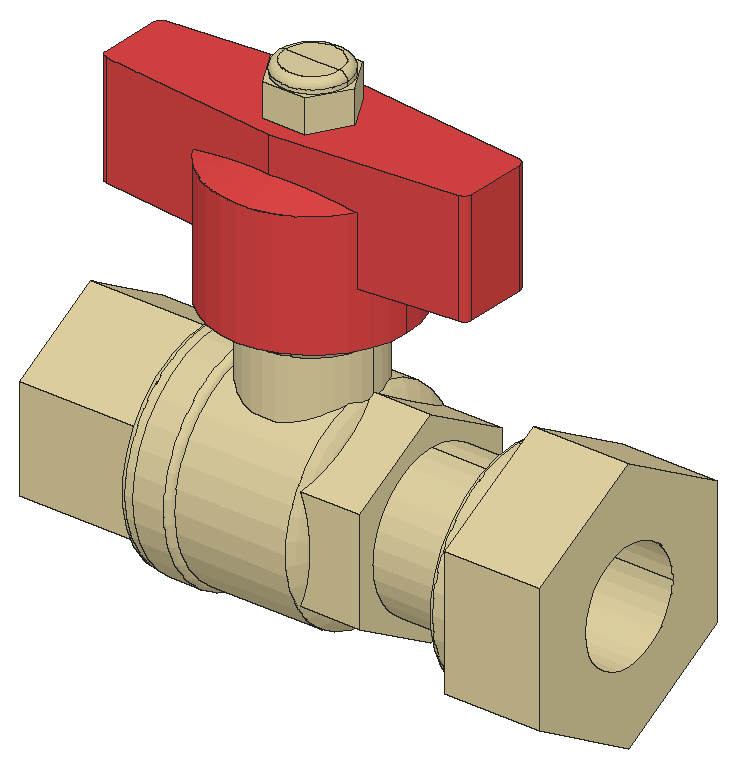
Revit family "QD00140000", category Apparecchi idraulici, Revit 2020
Family settings
  Quota connettore circolare = Usa diametro
  Tipo di parte = Normale
  Numero OmniClass = 23.45.00.00
  Titolo OmniClass = Sanitary, Laundry, and Cleaning Equipment
  Basato su piano di lavoro = No
  Sempre verticale = Sì
  Taglio con vuoti quando caricato = No
  Condiviso = No
  Punto di calcolo locali = No
Parameters
  URL = "https://web.cimberio.com/index.php/figura/180?subcategoria_id=54188"
  Temperatura di esercizio = "-20 ÷ 150°C"
  Prospetto di default = 0 mm
  Produttore = "CIMBERIO SPA"
  Pressione nominale = "PN 25"
  Modello = "Cim 204CR"
  Materiale = "Prodotto in lega di ottone “CR” – “DZR\" conforme alla norma EN 12165-CW625N-DW"
  Descrizione = "Realizzato in ottemperanza ai requisiti gestionali della norma EN ISO 9001.\r\nUtilizzato per la regolazione della temperatura degli ambienti e comandare apparecchi degli impianti di riscaldamento e condizionamento."
  DN Model [instance] = QD00142103 : QD00142103
  DN [instance] = 15 mm
  Commenti sul tipo = "Utilizzato nei più svariati settori dell'impiantistica: reti di distribuzione acqua potabile, impianti di riscaldamento, condizionamento, igienico-sanitari e in generale con ogni fluido non corrosivo"
Reference planes
  plane 1 "Centro (Fronte/Retro)": y = 0
  plane 2: z = 0
  plane 3 "Centro (Sinistra/Destra)": x = 0
Dimensions and locks
  aligned and locked: level to plane 2
Nested families
  nested 1: "QD00142103" at (0, 0, 0), type <- "DN Model", type "QD00142103"
  nested 2: "QD00142103" at (0, 0, 0), type <- "DN Model", type "QD00142103"
  nested 3: "QD00142103" at (0, 0, 0), type <- "DN Model", type "QD00142103"
  nested 4: "QD00142103" at (0, 0, 0), type <- "DN Model", type "QD00142103"
  nested 5: "QD00142103" at (0, 0, 0), type <- "DN Model", type "QD00142103"
  nested 6: "QD00142103" at (0, 0, 0), type <- "DN Model", type "QD00142103"
  nested 7: "QD00142103" at (0, 0, 0), type <- "DN Model", type "QD00142103"
  nested 8: "QD00142103" at (0, 0, 0), type <- "DN Model", type "QD00142103"
  nested 9: "QD00142103" at (0, 0, 0), type <- "DN Model", type "QD00142103"
  nested 10: "QD00142103" at (0, 0, 0), type <- "DN Model", type "QD00142103"
Connectors
  piping at (43.182, 0, 0), diameter 15, driven by "DN"
    settings: on nested 1, index 1, connector inside diameter 609.6 mm, connector length 0 mm, flow factor 0, pipe flow 0.0 L/s, pressure drop 0.0 Pa, fitting loss kfactor 0, connector angle 0.00°, fixture units 0, engagement length 0 mm, angle of deflection 0.00°, flow configuration 0, flow direction 0, fitting loss method 0, system type 7, joint type 0, gender type 0, connector reference index -1, connector utility 0, adjustable connector no, is connector primary yes, connector description ""
  piping at (-30.318, 0, 0), diameter 15, driven by "DN"
    settings: on nested 1, index 2, connector inside diameter 609.6 mm, connector length 0 mm, flow factor 0, pipe flow 0.0 L/s, pressure drop 0.0 Pa, fitting loss kfactor 0, connector angle 0.00°, fixture units 0, engagement length 0 mm, angle of deflection 0.00°, flow configuration 0, flow direction 0, fitting loss method 0, system type 7, joint type 0, gender type 0, connector reference index -1, connector utility 0, adjustable connector no, is connector primary no, connector description ""
Definition of nested family "QD00142103"
  Parameters (values of type "QD00102103")
    URL = "https://web.cimberio.it/index.php/figura/394?subcategoria_id="
    Temperatura di esercizio = "-10 ÷ 95°C"
    Default Elevation = 0 mm
    Manufacturer = "CIMBERIO SPA"
    Pressione nominale = "PN 16"
    Model = "Cim 32"
    Materiale = "Prodotto in lega di ottone conforme alla norma EN 12165-CW617N-DW"
    Description = "Impiegato nei più svariati settori dell'impiantistica in condutture anti-ritorno per: reti di distribuzione acqua potabile, impianti di riscaldamento, condizionamento, igienico-sanitari e in generale con ogni fluido non corrosivo."
    Type Comments = "Realizzato in ottemperanza ai requisiti gestionali della norma EN ISO 9001.\r\nCollaudato al 100% secondo la normativa EN 12266-1"
  Reference planes
    plane 1 "Centro (Fronte/Retro)": y = 0
    plane 2: z = 0
    plane 3 "Centro (Sinistra/Destra)": x = 0
  Forms (mm)
    Revolve 1, solid
      sketch origin (0, 0, 0) x (1, 0, 0) y (0, 0, 1)
        loop
          line (-12.6, 14.75) -> (-13.886, 14.75)
          arc (-13.886, 14.75) -> (-14.391, 14.541) -> (-14.6, 14.036) r 0.714
          line (-14.6, 14.036) -> (-14.6, 7.5) -> (-12.6, 7.5) -> (-12.6, 14.75)
        axis (-14.6, 0) -> (-12.6, 0)
      angle from 0 to 360
    Revolve 2, solid
      sketch origin (0, 0, 0) x (1, 0, 0) y (0, 0, 1)
        loop
          line (-12.6, -15) -> (-8.453, -15)
          arc (-8.453, -15) -> (-7.862, -14.806) -> (-7.5, -14.3) r 1
          line (-7.5, -14.3) -> (7.7, -14.3)
          arc (7.7, -14.3) -> (9.549, -11.151) -> (9.473, -7.5) r 6.705
          line (9.473, -7.5) -> (-12.6, -7.5) -> (-12.6, -15)
        axis (-12.6, 0) -> (9.473, 0)
      angle from 0 to 360
    Extrusion 3, solid
      sketch origin (0, 0, 0) x (0, 1, 0) y (0, 0, 1)
        loop
          circle (0, 0) r 7.5
        loop
          line (0, 14) -> (-12.124, 7) -> (-12.124, -7) -> (0, -14) -> (12.124, -7) -> (12.124, 7) -> (0, 14)
      from 7.682 to 16.151
    Extrusion 4, solid
      sketch origin (-38, 0, 0) x (0, 1, 0) y (0, 0, 1)
        loop
          circle (0, 0) r 7.5
        loop
          line (0, 14) -> (-12.124, 7) -> (-12.124, -7) -> (0, -14) -> (12.124, -7) -> (12.124, 7) -> (0, 14)
      from 7.682 to 23.4
    Revolve 5, solid
      sketch origin (0, 0, 0) x (1, 0, 0) y (0, 0, 1)
        loop
          line (26, 10) -> (16.151, 10) -> (16.151, 7.5) -> (28.182, 7.5) -> (28.182, 11.1) -> (27.136, 11.1)
          arc (27.136, 11.1) -> (26.695, 10.419) -> (26, 10) r 1.808
        axis (16.151, 0) -> (28.182, 0)
      angle from 0 to 360
    Revolve 6, solid
      sketch origin (-3.018, 0, 0) x (1, 0, 0) y (0, 0, 1)
        loop
          line (30.7, 7.5) -> (33.2, 7.5) -> (33.2, 14.772) -> (31.2, 14.772)
          arc (31.2, 14.772) -> (30.847, 14.626) -> (30.7, 14.272) r 0.5
          line (30.7, 14.272) -> (30.7, 7.5)
        axis (30.7, 0) -> (33.2, 0)
      angle from 0 to 360
    Extrusion 7, solid
      sketch origin (0, 0, 0) x (0, 1, 0) y (0, 0, 1)
        loop
          circle (0, 0) r 7.5
        loop
          line (0, 17.4) -> (-15.069, 8.7) -> (-15.069, -8.7) -> (0, -17.4) -> (15.069, -8.7) -> (15.069, 8.7) -> (0, 17.4)
      from 30.182 to 43.182
    Revolve 8, solid
      sketch origin (0, 0, 0) x (1, 0, 0) y (0, 0, 1)
        loop
          line (-9, 26.168) -> (-9, 20.867)
          arc (-9, 20.867) -> (-8.866, 20.366) -> (-8.5, 20) r 1
          line (-8.5, 20) -> (-8.5, 11.674) -> (-0.999, 11.674) -> (-0.999, 26.168) -> (-9, 26.168)
        axis (-0.063, 26.168) -> (-0.063, 11.674)
      angle from 0 to 360
    Revolve 9, solid
      sketch origin (0, 0, 0) x (1, 0, 0) y (0, 0, 1)
        loop
          line (-12.882, 22.8) -> (0, 22.8) -> (0, 41.574)
          arc (0, 41.574) -> (-6.528, 41.282) -> (-12.882, 39.754) r 34.224
          line (-12.882, 39.754) -> (-12.882, 22.8)
        axis (0, 41.574) -> (0, 22.8)
      angle from 0 to 360
    Revolve 10, solid
      sketch origin (0, 0, 0) x (1, 0, 0) y (0, 0, 1)
        loop
          line (0, 49.392) -> (4.75, 49.392) -> (4.75, 50.768)
          arc (4.75, 50.768) -> (4.448, 51.498) -> (3.718, 51.8) r 1.032
          line (3.718, 51.8) -> (0, 51.8) -> (0, 49.392)
        axis (0, 51.8) -> (0, 49.392)
      angle from 0 to 360
    Extrusion 11, solid
      sketch origin (0, 0, 0) x (1, 0, 0) y (0, 1, 0)
        loop
          line (5.771, 0) -> (2.886, 4.998) -> (-2.886, 4.998) -> (-5.771, 0) -> (-2.886, -4.998) -> (2.886, -4.998) -> (5.771, 0)
      from 45.8 to 50.3
    Extrusion 12, solid
      sketch origin (0, 0, 0) x (1, 0, 0) y (0, 1, 0)
        loop
          arc (-24.099, 5.09) -> (-24.741, 4.766) -> (-25, 4.095) r 1
          line (-25, 4.095) -> (-25, -4.095)
          arc (-25, -4.095) -> (-24.741, -4.766) -> (-24.099, -5.09) r 1
          line (-24.099, -5.09) -> (0, -7.495) -> (24.099, -5.09)
          arc (24.099, -5.09) -> (24.741, -4.766) -> (25, -4.095) r 1
          line (25, -4.095) -> (25, 4.095)
          arc (25, 4.095) -> (24.741, 4.766) -> (24.099, 5.09) r 1
          line (24.099, 5.09) -> (0, 7.495) -> (-24.099, 5.09)
      from 30.493 to 45.822
  Dimensions and locks
    aligned and locked: level to plane 2
